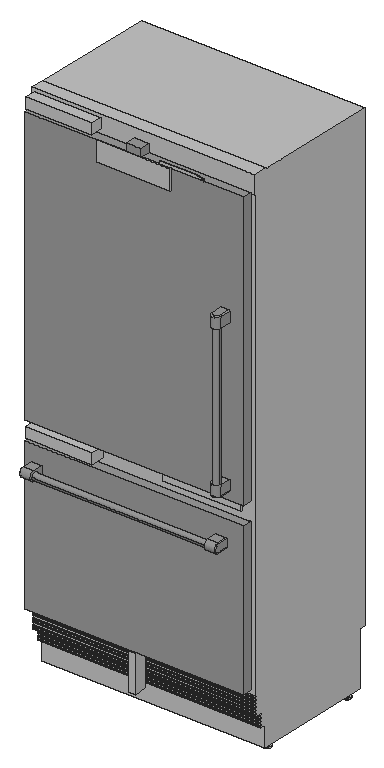
Revit family "FP-Revit20-en-RS3684WLUVE1-IntegratedRefrigerator-0-90003566A-US-CA", category Specialty Equipment, Revit 2020
Family settings
  Round Connector Dimension = Use Diameter
  Part Type = Normal
  OmniClass Number = 23.40.40.11.11
  OmniClass Title = Refrigerators and Freezers
  Work Plane-Based = No
  Always vertical = Yes
  Cut with Voids When Loaded = Yes
  Shared = No
  Room Calculation Point = No
Parameters (values of type "RS3684WRUVE1")
  Visibility - Water Connection = yes
  Visibility - Visibility Control Note = yes
  Visibility - Clearance Required = yes
  URL = "www.fisherpaykel.com"
  Stainless Steel Door Panels (RD3684WLD) = no
  Product - Width = 908 mm  # constant formula
  Product - Height = 2134 mm  # constant formula
  Product - Depth (exl front panel) = 610 mm  # constant formula
  Model = "RS3084WLU1"
  Material - Handle = Fisher & Paykel - Aluminium
  Material - Door Structure = Fisher & Paykel - Stainless Steel
  Material - Door Front = Fisher & Paykel - Stainless Steel
  Material - Body = Fisher & Paykel - Grey
  Manufacturer = "Fisher & Paykel Appliances"
  Left Hinging Options = "Hinge conversion and left hand stainless steel panels (RD3684WLD) are available"
  Handle Style - Professional Round Dark Copper (AHCRD3684WDC) = no
  Handle Style - Professional Round Brass (AHCRD3684WBA) = no
  Handle Style - Professional Round  (AHCRD3684W) = yes
  Handle Style - Contemporary Square Fine Black (AHD5RD3684WB) = no
  Handle Style - Contemporary Square Fine (AHD5RD3684W) = no
  Handle Style - Contemporary Square (AHD3RD3684W) = no
  Handle Style - Contemporary Round (AHSRD3684W) = no
  Description = "30\" Integrated Column Freezer with internal Ice & Water, White Interior"
  Default Elevation = 0 mm
  Connector Description - Water = ""
  Connector Description - Electrical = "120 V, 10 amp fused electrical supply"
  Cavity - Width = 914 mm  # constant formula
  Cavity - Height = 2134 mm  # constant formula
  Cavity - Depth = 635 mm  # constant formula
Reference planes
  plane 1 "Datum": y = 0
  plane 2: z = 0
  plane 3 "Center (Left/Right)": x = 0
  plane 4 "Product LHS": x = -454
  plane 5 "Product RHS": x = 454
  plane 6 "Product - Depth": y = 610
  plane 7 "Cavity LHS": x = -457
  plane 8 "Cavity RHS": x = 457
  plane 9 "Cavity - Depth": y = 635
  plane 10 "Handle Offset": x = 390
  plane 11 "Product Height": z = 2134
  plane 12 "Cavity Height": z = 2134
  plane 13 "Door Panel Datum": y = -4.1
Forms (mm)
  Extrusion 1, solid, material "Fisher & Paykel - Grey" <- "Material - Body"
    sketch origin (0, 0, 0) x (0, 1, 0) y (0, 0, 1)
      loop
        line (100.1, 19.1) -> (587.9, 19.1) -> (587.9, 239.7) -> (610, 239.7) -> (610, 2132.3) -> (105.1, 2132.3) -> (105.1, 2134) -> (49.9, 2134) -> (49.9, 2059) -> (56, 2059) -> (56, 228.6) -> (59.5, 228.6) -> (59.5, 219.7) -> (56.5, 219.7) -> (56.5, 215.9) -> (59.5, 215.9) -> (59.5, 207) -> (56.5, 207) -> (56.5, 203.2) -> (59.5, 203.2) -> (59.5, 194.3) -> (56.5, 194.3) -> (56.5, 190.5) -> (59.5, 190.5) -> (59.5, 181.6) -> (56.5, 181.6) -> (56.5, 177.8) -> (59.5, 177.8) -> (59.5, 168.9) -> (56.5, 168.9) -> (56.5, 165.1) -> (59.5, 165.1) -> (59.5, 156.2) -> (56.5, 156.2) -> (56.5, 152.4) -> (84.1, 152.4) -> (84.1, 143.5) -> (81.1, 143.5) -> (81.1, 139.7) -> (84.1, 139.7) -> (84.1, 130.8) -> (81.1, 130.8) -> (81.1, 127) -> (84.1, 127) -> (84.1, 118.1) -> (81.1, 118.1) -> (81.1, 114.3) -> (84.1, 114.3) -> (84.1, 105.4) -> (81.1, 105.4) -> (81.1, 101.6) -> (100.1, 101.6) -> (100.1, 19.1)
    from -454 to 454
  Extrusion 2, solid, material "Fisher & Paykel - Grey" <- "Material - Body"
    sketch origin (0, 0, 0) x (1, 0, 0) y (0, 1, 0)
      loop
        circle (-433.5, 547.8) r 4.1
      loop
        circle (-433.5, 141.8) r 4.1
      loop
        circle (433.5, 547.8) r 4.1
      loop
        circle (433.5, 141.8) r 4.1
    from 3 to 19.1
  Extrusion 3, solid, material "Fisher & Paykel - Grey" <- "Material - Body"
    sketch origin (0, 0, 0) x (1, 0, 0) y (0, 1, 0)
      loop
        circle (-433.5, 547.8) r 14.5
      loop
        circle (-433.5, 141.8) r 14.555
      loop
        circle (433.5, 547.8) r 14.5
      loop
        circle (433.5, 141.8) r 14.555
    from 0 to 3
  Extrusion 4, solid, material "Fisher & Paykel - Grey" <- "Material - Body", detail levels fine
    sketch origin (0, 0, 0) x (1, 0, 0) y (0, 1, 0)
      loop
        line (-7.5, 49) -> (-13.797, -4.1) -> (13.797, -4.1) -> (7.5, 49) -> (-7.5, 49)
    from 104.2 to 253.8
  Extrusion 5, solid, material "Fisher & Paykel - Grey" <- "Material - Body", detail levels fine
    sketch origin (0, 0, 0) x (0, 1, 0) y (0, 0, 1)
      loop
        line (0, 2070.6) -> (0, 1988.6) -> (2, 1988.6) -> (2, 2068.6) -> (4, 2068.6) -> (4, 2070.6) -> (0, 2070.6)
    from -150 to 150
  Extrusion 6, solid, material "Fisher & Paykel - Grey" <- "Material - Body"
    sketch origin (0, 0, 0) x (1, 0, 0) y (0, 0, 1)
      loop
        circle (379, 119.813) r 5
      loop
        circle (-379, 119.813) r 5
    from -590 to -587.9
  Extrusion 7, solid, material "Fisher & Paykel - Stainless Steel" <- "Material - Door Structure"
    sketch origin (0, 0, 0) x (1, 0, 0) y (0, 1, 0)
      loop
        line (-429, 56) -> (-429, 42) -> (429, 42) -> (429, 56) -> (-429, 56)
    from 951.3 to 2030.7
  Extrusion 8, solid, material "Fisher & Paykel - Stainless Steel" <- "Material - Door Structure"
    sketch origin (0, 0, 0) x (1, 0, 0) y (0, 1, 0)
      loop
        line (-445.4, 42) -> (-445.4, 3) -> (445.4, 3) -> (445.4, 42) -> (-445.4, 42)
    from 943.8 to 2068.6
  Extrusion 9, solid, material "Fisher & Paykel - Stainless Steel" <- "Material - Door Structure", detail levels fine
    sketch origin (0, 0, 0) x (1, 0, 0) y (0, 0, 1)
      loop
        line (-29.5, 2100.1) -> (-29.5, 2068.6) -> (29.5, 2068.6) -> (29.5, 2100.1) -> (-29.5, 2100.1)
    from -42 to -3
  Extrusion 10, solid, material "Fisher & Paykel - Stainless Steel" <- "Material - Door Front", visible <- "Stainless Steel Door Panels (RD3684WLD)"
    sketch origin (0, 0, 0) x (0, 1, 0) y (0, 0, 1)
      loop
        line (-22.1, 2130.8) -> (-22.1, 876.3) -> (-4.1, 876.3) -> (-4.1, 2130.8) -> (-22.1, 2130.8)
      loop
        line (-22.1, 102) -> (-4.1, 102) -> (-4.1, 873.1) -> (-22.1, 873.1) -> (-22.1, 102)
    from -454 to 454
  Extrusion 11, solid, material "Fisher & Paykel - Grey" <- "Material - Body", detail levels fine
    sketch origin (0, 0, -4) x (0, 1, 0) y (0, 0, 1)
      loop
        arc (163.888, 23.1) -> (180.4, 13.63) -> (196.912, 23.1) r 19.13
        line (196.912, 23.1) -> (163.888, 23.1)
      loop
        arc (493.888, 23.1) -> (510.4, 13.63) -> (526.912, 23.1) r 19.13
        line (526.912, 23.1) -> (493.888, 23.1)
    from 191 to 219
  Extrusion 12, solid, material "Fisher & Paykel - Grey" <- "Material - Body", detail levels fine
    sketch origin (0, 0, -4) x (0, 1, 0) y (0, 0, -1)
      loop
        line (163.888, -23.1) -> (196.912, -23.1)
        arc (196.912, -23.1) -> (180.4, -13.63) -> (163.888, -23.1) r 19.13
      loop
        line (493.888, -23.1) -> (526.912, -23.1)
        arc (526.912, -23.1) -> (510.4, -13.63) -> (493.888, -23.1) r 19.13
    from 191 to 219
  Extrusion 13, solid, material "Fisher & Paykel - Clearance Required", visible <- "Visibility - Clearance Required", detail levels coarse
    sketch origin (0, 0, 0) x (1, 0, 0) y (0, 1, 0)
      loop
        line (-457, 635) -> (-457, -4.1) -> (457, -4.1) -> (457, 635) -> (-457, 635)
    from 0 to 2134
  Extrusion 14, solid, material "Fisher & Paykel - Stainless Steel" <- "Material - Door Structure"
    sketch origin (0, 0, 0) x (1, 0, 0) y (0, 1, 0)
      loop
        line (-445.4, 42) -> (-445.4, 3) -> (445.4, 3) -> (445.4, 42) -> (-445.4, 42)
    from 253.8 to 868.15
  Extrusion 15, solid, material "Fisher & Paykel - Stainless Steel" <- "Material - Door Structure"
    sketch origin (0, 0, 0) x (1, 0, 0) y (0, 1, 0)
      loop
        line (-429, 56) -> (-429, 42) -> (429, 42) -> (429, 56) -> (-429, 56)
    from 269.2 to 858.13
  Extrusion 16, solid, material "Fisher & Paykel - Clearance Required", visible <- "Visibility - Clearance Required", detail levels coarse
    sketch origin (0, 0, 0) x (0, 1, 0) y (0, 0, 1)
      loop
        line (-422.1, 873.1) -> (-422.1, 818.896) -> (-482.1, 818.896) -> (-482.1, 781.896) -> (-422.1, 781.896) -> (-422.1, 101.6) -> (-22.1, 101.6) -> (-22.1, 873.1) -> (-422.1, 873.1)
    from -454 to 454
  Extrusion 17, solid, material "Fisher & Paykel - Clearance Required", visible <- "Visibility - Clearance Required", detail levels coarse
    sketch origin (0, -0.697, 0) x (-1, 0, 0) y (0, -1, 0)
      loop
        line (377.5, 21.403) -> (454, 21.403)
        arc (454, 21.403) -> (456.992, 56.377) -> (491.915, 59.919) r 27.5
        line (491.915, 59.919) -> (773.006, 826.779) -> (799.252, 817.159)
        arc (799.252, 817.159) -> (823.815, 826.099) -> (814.875, 850.661) r 18.483
        line (814.875, 850.661) -> (788.602, 862.912) -> (810.604, 910.252)
        arc (810.604, 910.252) -> (-56.539, 799.947) -> (-454, 21.403) r 935.499
        line (-454, 21.403) -> (377.5, 21.403)
    from 876.3 to 2134
  Extrusion 18, solid, material "Fisher & Paykel - Grey" <- "Material - Body"
    sketch origin (0, 0, 0) x (-1, 0, 0) y (0, -1, 0)
      loop
        circle (-433.5, -547.8) r 4.1
      loop
        circle (-433.5, -141.8) r 4.1
      loop
        circle (433.5, -547.8) r 4.1
      loop
        circle (433.5, -141.8) r 4.1
    from 3 to 19.1
  Extrusion 19, solid, material "Fisher & Paykel - Grey" <- "Material - Body"
    sketch origin (0, 0, 0) x (-1, 0, 0) y (0, -1, 0)
      loop
        circle (-433.5, -547.8) r 14.5
      loop
        circle (-433.5, -141.8) r 14.555
      loop
        circle (433.5, -547.8) r 14.5
      loop
        circle (433.5, -141.8) r 14.555
    from 0 to 3
  Extrusion 20, solid, material "Fisher & Paykel - Grey" <- "Material - Body", detail levels fine
    sketch origin (0, 0, 0) x (-1, 0, 0) y (0, -1, 0)
      loop
        line (-7.5, -49) -> (7.5, -49) -> (13.797, 4.1) -> (-13.797, 4.1) -> (-7.5, -49)
    from 104.2 to 253.8
  Extrusion 21, solid, material "Fisher & Paykel - Grey" <- "Material - Body", detail levels fine
    sketch origin (0, 0, 0) x (0, 1, 0) y (0, 0, -1)
      loop
        line (0, -2070.6) -> (4, -2070.6) -> (4, -2068.6) -> (2, -2068.6) -> (2, -1988.6) -> (0, -1988.6) -> (0, -2070.6)
    from -150 to 150
  Extrusion 22, solid, material "Fisher & Paykel - Grey" <- "Material - Body"
    sketch origin (0, 0, 0) x (-1, 0, 0) y (0, 0, -1)
      loop
        circle (379, -119.813) r 5
      loop
        circle (-379, -119.813) r 5
    from -590 to -587.9
  Extrusion 23, solid, material "Fisher & Paykel - Stainless Steel" <- "Material - Door Structure", detail levels fine
    sketch origin (0, 0, 0) x (-1, 0, 0) y (0, 0, -1)
      loop
        line (-29.5, -2100.1) -> (29.5, -2100.1) -> (29.5, -2068.6) -> (-29.5, -2068.6) -> (-29.5, -2100.1)
    from -42 to -3
  Extrusion 24, solid, material "Fisher & Paykel - Grey" <- "Material - Body", detail levels fine
    sketch origin (0, 0, -4) x (0, 1, 0) y (0, 0, -1)
      loop
        line (163.888, -23.1) -> (196.912, -23.1)
        arc (196.912, -23.1) -> (180.4, -13.63) -> (163.888, -23.1) r 19.13
      loop
        line (493.888, -23.1) -> (526.912, -23.1)
        arc (526.912, -23.1) -> (510.4, -13.63) -> (493.888, -23.1) r 19.13
    from 191 to 219
  Extrusion 25, solid, material "Fisher & Paykel - Grey" <- "Material - Body", detail levels fine
    sketch origin (0, 0, -4) x (0, 1, 0) y (0, 0, 1)
      loop
        arc (163.888, 23.1) -> (180.4, 13.63) -> (196.912, 23.1) r 19.13
        line (196.912, 23.1) -> (163.888, 23.1)
      loop
        arc (493.888, 23.1) -> (510.4, 13.63) -> (526.912, 23.1) r 19.13
        line (526.912, 23.1) -> (493.888, 23.1)
    from 191 to 219
  Extrusion 26, solid, material "Fisher & Paykel - Clearance Required", visible <- "Visibility - Clearance Required", detail levels coarse
    sketch origin (0, 0, 0) x (-1, 0, 0) y (0, -1, 0)
      loop
        line (-457, -635) -> (457, -635) -> (457, 4.1) -> (-457, 4.1) -> (-457, -635)
    from 0 to 2134
  Extrusion 27, solid, material "Fisher & Paykel - Grey" <- "Material - Body", detail levels fine
    sketch origin (0, 0, 0) x (-1, 0, 0) y (0, 0, -1)
      loop
        line (442.4, -2123.15) -> (442.4, -2081.05) -> (171.42, -2081.05) -> (171.42, -2123.15) -> (442.4, -2123.15)
    from -49 to -2.5
  Extrusion 28, solid, material "Fisher & Paykel - Grey" <- "Material - Body", detail levels fine
    sketch origin (0, 0, 0) x (-1, 0, 0) y (0, 0, -1)
      loop
        line (442.4, -877.25) -> (171.42, -877.25) -> (171.42, -919.35) -> (442.4, -919.35) -> (442.4, -877.25)
    from -56 to -2.5
  Extrusion 29, solid, material "Fisher & Paykel - Grey" <- "Material - Body", detail levels fine
    sketch origin (0, 0, 0) x (1, 0, 0) y (0, 0, 1)
      loop
        line (118.4, 943.8) -> (118.4, 919.35) -> (435.4, 919.35) -> (435.4, 943.8) -> (118.4, 943.8)
      loop
        line (106, 2081.05) -> (106, 2068.6) -> (282.9, 2068.6) -> (282.9, 2076.05) -> (242.9, 2081.05) -> (106, 2081.05)
    from -7 to -4
Lines and regions (mm)
  model lines, style "Fisher & Paykel"
    curve 1: line (-454, -4.1, 2130.8) -> (454, -4.1, 2130.8)
    curve 2: line (-454, -4.1, 876.3) -> (-454, -4.1, 2130.8)
    curve 3: line (454, -4.1, 876.3) -> (-454, -4.1, 876.3)
    curve 4: line (454, -4.1, 2130.8) -> (454, -4.1, 876.3)
    curve 5: line (454, -4.1, 873.1) -> (-454, -4.1, 873.1)
    curve 6: line (454, -4.1, 102) -> (454, -4.1, 873.1)
    curve 7: line (-454, -4.1, 102) -> (454, -4.1, 102)
    curve 8: line (-454, -4.1, 873.1) -> (-454, -4.1, 102)
    curve 9: line (454, -4.1, 2130.8) -> (-454, -4.1, 2130.8)
    curve 10: line (454, -4.1, 876.3) -> (454, -4.1, 2130.8)
    curve 11: line (-454, -4.1, 876.3) -> (454, -4.1, 876.3)
    curve 12: line (-454, -4.1, 2130.8) -> (-454, -4.1, 876.3)
    curve 13: line (-454, -4.1, 873.1) -> (454, -4.1, 873.1)
    curve 14: line (-454, -4.1, 102) -> (-454, -4.1, 873.1)
    curve 15: line (454, -4.1, 102) -> (-454, -4.1, 102)
    curve 16: line (454, -4.1, 873.1) -> (454, -4.1, 102)
Text (mm)
  text "Due to ongoing product development, product details are subject to change without notice. \nPlease always refer to www.fisherpaykel.com for the most current product information. \n© Fisher & Paykel 2020" at (41.04, -878.295, 0), in view "Ref. Level (Plan)"
Dimensions and locks
  equal spacing: plane 4 "Product LHS", plane 3 "Center (Left/Right)", plane 5 "Product RHS"
  "Product - Width": plane 4 "Product LHS" to plane 5 "Product RHS"
  "Product - Depth (exl front panel)": plane 1 "Datum" to plane 6 "Product - Depth"
  equal spacing: plane 7 "Cavity LHS", plane 3 "Center (Left/Right)", plane 8 "Cavity RHS"
  "Cavity - Width": plane 7 "Cavity LHS" to plane 8 "Cavity RHS"
  "Cavity - Depth": plane 9 "Cavity - Depth" to plane 1 "Datum"
  plane 4 "Product LHS" to Extrusion 2 sketch curve = 24.6 mm
  plane 4 "Product LHS" to plane 10 "Handle Offset" = 844 mm
  Extrusion 6 sketch curve to Extrusion 1 = 119.887 mm  (x2)
  Extrusion 6 sketch curve to plane 5 "Product RHS" = 75 mm
  plane 4 "Product LHS" to Extrusion 6 sketch curve = 75 mm
  Extrusion 1 sketch curve to Extrusion 1 sketch curve = 82.5 mm
  Extrusion 1 sketch curve to Extrusion 1 sketch curve = 209.5 mm
  Extrusion 1 sketch curve to Extrusion 1 sketch curve = 220.6 mm
  Extrusion 3 to level = 3 mm
  "Product - Height": level to plane 11 "Product Height"
  plane 11 "Product Height" to Extrusion 10 = 3.2 mm
  Extrusion 8 to plane 11 "Product Height" = 65.4 mm
  Extrusion 7 to plane 11 "Product Height" = 103.3 mm
  Extrusion 1 sketch curve to plane 11 "Product Height" = 1.7 mm
  Extrusion 1 sketch curve to plane 11 "Product Height" = 75 mm
  "Cavity - Height": plane 12 "Cavity Height" to level
  plane 1 "Datum" to Extrusion 13 = 635 mm
  nested 7 to curve 6 = 454 mm
  nested 7 to curve 14 = 454 mm
  Extrusion 29 sketch curve to Extrusion 29 sketch curve = 40 mm
  Extrusion 29 sketch curve to Extrusion 29 sketch curve = 176.9 mm
  radius of Extrusion 6 sketch curve = 5 mm
  radius of Extrusion 22 sketch curve = 5 mm
  aligned and locked: level to plane 2
  aligned and locked: Extrusion 10 to plane 5 "Product RHS"
  aligned and locked: plane 4 "Product LHS" to Extrusion 10
  aligned and locked: plane 11 "Product Height" to Extrusion 1 sketch curve
  aligned and locked: Extrusion 11 sketch curve to Extrusion 11 sketch curve
  aligned and locked: Extrusion 12 sketch curve to Extrusion 12 sketch curve
  aligned and locked: Extrusion 1 to plane 5 "Product RHS"
  aligned and locked: plane 4 "Product LHS" to Extrusion 1
  aligned and locked: Extrusion 24 sketch curve to Extrusion 24 sketch curve
  aligned and locked: Extrusion 25 sketch curve to Extrusion 25 sketch curve
  aligned and locked: Extrusion 1 to Extrusion 16
  aligned and locked: Extrusion 16 to Extrusion 1
Automatic sketch dimensions
  Extrusion 1 sketch curve to plane 6 "Product - Depth" = 0 mm
  Extrusion 1 sketch curve to Extrusion 1 sketch curve = 22.1 mm
  Extrusion 1 sketch curve to plane 1 "Datum" = 105.1 mm
  level to Extrusion 1 sketch curve = 19.1 mm
  Extrusion 1 sketch curve to plane 1 "Datum" = 100.1 mm
  Extrusion 1 sketch curve to Extrusion 1 sketch curve = 16 mm
  Extrusion 1 sketch curve to Extrusion 1 sketch curve = 0 mm  (x8)
  Extrusion 1 sketch curve to Extrusion 1 sketch curve = 3 mm  (x10)
  Extrusion 1 sketch curve to plane 1 "Datum" = 59.5 mm
  Extrusion 1 sketch curve to plane 1 "Datum" = 56 mm
  Extrusion 1 sketch curve to plane 1 "Datum" = 49.9 mm
  Extrusion 1 sketch curve to Extrusion 1 sketch curve = 3.8 mm  (x10)
  Extrusion 1 sketch curve to Extrusion 1 sketch curve = 8.9 mm  (x9)
  Extrusion 2 sketch curve to plane 4 "Product LHS" = 20.5 mm  (x2)
  plane 5 "Product RHS" to Extrusion 2 sketch curve = 20.5 mm  (x2)
  Extrusion 2 sketch curve to plane 1 "Datum" = 141.8 mm  (x2)
  Extrusion 2 sketch curve to plane 6 "Product - Depth" = 62.2 mm  (x2)
  Extrusion 3 sketch curve to plane 4 "Product LHS" = 20.5 mm  (x2)
  plane 5 "Product RHS" to Extrusion 3 sketch curve = 20.5 mm  (x2)
  Extrusion 3 sketch curve to plane 1 "Datum" = 141.8 mm  (x2)
  Extrusion 3 sketch curve to plane 6 "Product - Depth" = 62.2 mm  (x2)
  Extrusion 4 sketch curve to plane 13 "Door Panel Datum" = 0 mm
  Extrusion 4 sketch curve to plane 3 "Center (Left/Right)" = 13.797 mm
  Extrusion 4 sketch curve to plane 3 "Center (Left/Right)" = 7.5 mm
  plane 3 "Center (Left/Right)" to Extrusion 4 sketch curve = 7.5 mm
  plane 3 "Center (Left/Right)" to Extrusion 4 sketch curve = 13.797 mm
  Extrusion 4 sketch curve to plane 1 "Datum" = 49 mm
  Extrusion 5 sketch curve to plane 1 "Datum" = 0 mm
  Extrusion 5 sketch curve to plane 1 "Datum" = 2 mm
  Extrusion 5 sketch curve to Extrusion 5 sketch curve = 2 mm  (x2)
  plane 11 "Product Height" to Extrusion 5 sketch curve = 145.4 mm
  plane 11 "Product Height" to Extrusion 5 sketch curve = 65.4 mm
  Extrusion 7 sketch curve to plane 4 "Product LHS" = 25 mm
  plane 5 "Product RHS" to Extrusion 7 sketch curve = 25 mm
  Extrusion 7 sketch curve to plane 1 "Datum" = 42 mm
  Extrusion 7 sketch curve to Extrusion 7 sketch curve = 14 mm
  Extrusion 8 sketch curve to plane 1 "Datum" = 3 mm
  Extrusion 8 sketch curve to plane 4 "Product LHS" = 8.6 mm
  plane 5 "Product RHS" to Extrusion 8 sketch curve = 8.6 mm
  Extrusion 8 sketch curve to Extrusion 8 sketch curve = 39 mm
  Extrusion 9 sketch curve to plane 3 "Center (Left/Right)" = 29.5 mm
  plane 3 "Center (Left/Right)" to Extrusion 9 sketch curve = 29.5 mm
  plane 11 "Product Height" to Extrusion 9 sketch curve = 65.4 mm
  Extrusion 9 sketch curve to Extrusion 9 sketch curve = 31.5 mm
  Extrusion 10 sketch curve to plane 13 "Door Panel Datum" = 0 mm  (x2)
  plane 11 "Product Height" to Extrusion 10 sketch curve = 3.2 mm
  Extrusion 10 sketch curve to plane 13 "Door Panel Datum" = 18 mm
  Extrusion 10 sketch curve to Extrusion 10 sketch curve = 0 mm
  level to Extrusion 10 sketch curve = 876.3 mm
  Extrusion 10 sketch curve to Extrusion 10 sketch curve = 3.2 mm
  level to Extrusion 10 sketch curve = 102 mm
  level to Extrusion 11 sketch curve = 19.1 mm
  Extrusion 11 sketch curve to plane 1 "Datum" = 163.888 mm
  Extrusion 11 sketch curve to Extrusion 11 sketch curve = 16.512 mm  (x2)
  Extrusion 11 sketch curve to plane 6 "Product - Depth" = 116.112 mm
  Extrusion 11 sketch curve to Extrusion 11 sketch curve = 9.66 mm  (x2)
  level to Extrusion 12 sketch curve = 19.1 mm
  Extrusion 12 sketch curve to plane 1 "Datum" = 163.888 mm
  Extrusion 12 sketch curve to Extrusion 12 sketch curve = 16.512 mm  (x2)
  Extrusion 12 sketch curve to plane 6 "Product - Depth" = 116.112 mm
  Extrusion 12 sketch curve to Extrusion 12 sketch curve = 9.66 mm  (x2)
  Extrusion 13 sketch curve to plane 7 "Cavity LHS" = 0 mm
  Extrusion 13 sketch curve to plane 8 "Cavity RHS" = 0 mm
  Extrusion 13 sketch curve to plane 13 "Door Panel Datum" = 0 mm
  Extrusion 13 sketch curve to plane 9 "Cavity - Depth" = 0 mm
  Extrusion 14 sketch curve to plane 1 "Datum" = 3 mm
  Extrusion 14 sketch curve to plane 4 "Product LHS" = 8.6 mm
  plane 5 "Product RHS" to Extrusion 14 sketch curve = 8.6 mm
  Extrusion 14 sketch curve to Extrusion 14 sketch curve = 39 mm
  Extrusion 15 sketch curve to plane 4 "Product LHS" = 25 mm
  plane 5 "Product RHS" to Extrusion 15 sketch curve = 25 mm
  Extrusion 15 sketch curve to plane 1 "Datum" = 42 mm
  Extrusion 15 sketch curve to Extrusion 15 sketch curve = 14 mm
  Extrusion 16 sketch curve to plane 13 "Door Panel Datum" = 478 mm
  Extrusion 16 sketch curve to Extrusion 16 sketch curve = 60 mm
  Extrusion 16 sketch curve to Extrusion 16 sketch curve = 0 mm
  Extrusion 16 sketch curve to plane 13 "Door Panel Datum" = 18 mm
  level to Extrusion 16 sketch curve = 101.6 mm
  Extrusion 16 sketch curve to Extrusion 16 sketch curve = 680.296 mm
  Extrusion 16 sketch curve to Extrusion 16 sketch curve = 37 mm
  Extrusion 16 sketch curve to Extrusion 16 sketch curve = 54.204 mm
  Extrusion 17 sketch curve to plane 5 "Product RHS" = 0 mm
  plane 13 "Door Panel Datum" to Extrusion 17 sketch curve = 18 mm
  plane 4 "Product LHS" to Extrusion 17 sketch curve = 76.5 mm
  plane 4 "Product LHS" to Extrusion 17 sketch curve = 0 mm
  Extrusion 17 sketch curve to plane 7 "Cavity LHS" = 19.59 mm
  Extrusion 17 sketch curve to Extrusion 17 sketch curve = 4.816 mm
  Extrusion 17 sketch curve to Extrusion 17 sketch curve = 10.509 mm
  Extrusion 17 sketch curve to plane 7 "Cavity LHS" = 316.006 mm
  Extrusion 17 sketch curve to Extrusion 17 sketch curve = 15.596 mm
  Extrusion 17 sketch curve to Extrusion 17 sketch curve = 26.246 mm
  Extrusion 17 sketch curve to Extrusion 17 sketch curve = 7.811 mm  (x2)
  Extrusion 17 sketch curve to Extrusion 17 sketch curve = 22.003 mm
  Extrusion 17 sketch curve to Extrusion 17 sketch curve = 13.185 mm
  Extrusion 17 sketch curve to Extrusion 17 sketch curve = 2.497 mm
  Extrusion 17 sketch curve to Extrusion 17 sketch curve = 93.093 mm
  Extrusion 17 sketch curve to Extrusion 17 sketch curve = 16.751 mm
  Extrusion 17 sketch curve to Extrusion 17 sketch curve = 12.251 mm
  plane 5 "Product RHS" to curve 9 = 0 mm
  plane 5 "Product RHS" to curve 16 = 0 mm
  plane 4 "Product LHS" to curve 8 = 0 mm
  plane 4 "Product LHS" to curve 9 = 0 mm
  level to curve 16 = 102 mm
  curve 6 to curve 5 = 771.1 mm
  curve 5 to curve 12 = 3.2 mm
  plane 11 "Product Height" to curve 4 = 3.2 mm
  Extrusion 18 sketch curve to plane 5 "Product RHS" = 20.5 mm  (x2)
  plane 4 "Product LHS" to Extrusion 18 sketch curve = 20.5 mm  (x2)
  plane 1 "Datum" to Extrusion 18 sketch curve = 141.8 mm  (x2)
  plane 6 "Product - Depth" to Extrusion 18 sketch curve = 62.2 mm  (x2)
  Extrusion 19 sketch curve to plane 5 "Product RHS" = 20.5 mm  (x2)
  plane 4 "Product LHS" to Extrusion 19 sketch curve = 20.5 mm  (x2)
  plane 1 "Datum" to Extrusion 19 sketch curve = 141.8 mm  (x2)
  plane 6 "Product - Depth" to Extrusion 19 sketch curve = 62.2 mm  (x2)
  Extrusion 20 sketch curve to plane 13 "Door Panel Datum" = 0 mm
  Extrusion 20 sketch curve to plane 3 "Center (Left/Right)" = 13.797 mm
  Extrusion 20 sketch curve to plane 3 "Center (Left/Right)" = 7.5 mm
  plane 3 "Center (Left/Right)" to Extrusion 20 sketch curve = 7.5 mm
  plane 3 "Center (Left/Right)" to Extrusion 20 sketch curve = 13.797 mm
  plane 1 "Datum" to Extrusion 20 sketch curve = 49 mm
  Extrusion 21 sketch curve to plane 1 "Datum" = 0 mm
  Extrusion 21 sketch curve to plane 1 "Datum" = 2 mm
  Extrusion 21 sketch curve to Extrusion 21 sketch curve = 2 mm  (x2)
  plane 11 "Product Height" to Extrusion 21 sketch curve = 63.4 mm
  Extrusion 21 sketch curve to Extrusion 21 sketch curve = 80 mm
  Extrusion 22 sketch curve to plane 10 "Handle Offset" = 11 mm
  plane 4 "Product LHS" to Extrusion 22 sketch curve = 75 mm
  Extrusion 23 sketch curve to plane 3 "Center (Left/Right)" = 29.5 mm
  plane 3 "Center (Left/Right)" to Extrusion 23 sketch curve = 29.5 mm
  Extrusion 23 sketch curve to plane 11 "Product Height" = 65.4 mm
  Extrusion 23 sketch curve to Extrusion 23 sketch curve = 31.5 mm
  level to Extrusion 24 sketch curve = 19.1 mm
  Extrusion 24 sketch curve to plane 1 "Datum" = 163.888 mm
  Extrusion 24 sketch curve to Extrusion 24 sketch curve = 16.512 mm  (x2)
  Extrusion 24 sketch curve to plane 6 "Product - Depth" = 116.112 mm
  Extrusion 24 sketch curve to Extrusion 24 sketch curve = 9.66 mm  (x2)
  level to Extrusion 25 sketch curve = 19.1 mm
  Extrusion 25 sketch curve to plane 1 "Datum" = 163.888 mm
  Extrusion 25 sketch curve to Extrusion 25 sketch curve = 16.512 mm  (x2)
  Extrusion 25 sketch curve to plane 6 "Product - Depth" = 116.112 mm
  Extrusion 25 sketch curve to Extrusion 25 sketch curve = 9.66 mm  (x2)
  Extrusion 26 sketch curve to plane 8 "Cavity RHS" = 0 mm
  Extrusion 26 sketch curve to plane 7 "Cavity LHS" = 0 mm
  Extrusion 26 sketch curve to plane 13 "Door Panel Datum" = 0 mm
  plane 9 "Cavity - Depth" to Extrusion 26 sketch curve = 0 mm
  Extrusion 27 sketch curve to plane 11 "Product Height" = 10.85 mm
  plane 3 "Center (Left/Right)" to Extrusion 27 sketch curve = 171.42 mm
  plane 4 "Product LHS" to Extrusion 27 sketch curve = 11.6 mm
  Extrusion 27 sketch curve to Extrusion 27 sketch curve = 42.1 mm
  plane 3 "Center (Left/Right)" to Extrusion 28 sketch curve = 171.42 mm
  plane 4 "Product LHS" to Extrusion 28 sketch curve = 11.6 mm
  Extrusion 28 sketch curve to level = 877.25 mm
  Extrusion 28 sketch curve to Extrusion 28 sketch curve = 42.1 mm
  plane 11 "Product Height" to Extrusion 29 sketch curve = 52.95 mm
  plane 3 "Center (Left/Right)" to Extrusion 29 sketch curve = 106 mm
  plane 3 "Center (Left/Right)" to Extrusion 29 sketch curve = 118.4 mm
  plane 5 "Product RHS" to Extrusion 29 sketch curve = 18.6 mm
  Extrusion 29 sketch curve to Extrusion 29 sketch curve = 5 mm
  Extrusion 29 sketch curve to Extrusion 29 sketch curve = 12.45 mm
  level to Extrusion 29 sketch curve = 943.8 mm
  Extrusion 29 sketch curve to Extrusion 29 sketch curve = 24.45 mm
  Extrusion 22 sketch curve to level = 119.813 mm  (x2)
  radius of Extrusion 2 sketch curve = 4.1 mm  (x3)
  radius of Extrusion 3 sketch curve = 14.5 mm  (x2)
  radius of Extrusion 3 sketch curve = 14.555 mm  (x2)
  radius of Extrusion 6 sketch curve = 5 mm
  radius of Extrusion 18 sketch curve = 4.1 mm  (x4)
  radius of Extrusion 19 sketch curve = 14.5 mm  (x2)
  radius of Extrusion 19 sketch curve = 14.555 mm  (x2)
  radius of Extrusion 22 sketch curve = 5 mm
Nested families
  nested 1: "Visibility Control Note 18" at (-951.075, 635, 0), visible <- "Visibility - Visibility Control Note", type "Visibility Control Note 18"
  nested 2: "Handle Contemporary Square - Horizontal" at (0, -22.1, 800.364), visible <- "Handle Style - Contemporary Square (AHD3RD3684W)", type "AHD3RD3684W - Contemporary square handle (2 of 2) (Horizontal) 798mm"
  nested 3: "F&P Handle Kit - Contemporary Square Fine - Horizontal" at (0, -22.1, 800.364), type "AHD5RD3684WB - Contemporary square fine black handle (2 of 2) (Horizontal) 798mm", not visible
  nested 4: "Handle Professional Round - Horizontal" at (0, -22.1, 800.364), visible <- "Handle Style - Professional Round Dark Copper (AHCRD3684WDC)", type "AHP3RD3684WDC - Professional round handle Dark Copper (2 of 2) (Horizontal) 798mm"
  nested 5: "F&P Handle Kit - Contemporary Square Fine - Horizontal" at (0, -22.1, 800.364), visible <- "Handle Style - Contemporary Square Fine Black (AHD5RD3684WB)", type "AHD5RD3684WB - Contemporary square fine black handle (2 of 2) (Horizontal) 798mm"
  nested 6: "Handle Contemporary Round - Horizontal" at (0, -22.1, 800), visible <- "Handle Style - Contemporary Round (AHSRD3684W)", type "AHSRD3684W - Contemporary round handle (2 of 2) (Horizontal) 798mm"
  nested 7: "F&P Handle Kit - Contemporary Square Fine - Horizontal" at (0, -22.1, 799.994), visible <- "Handle Style - Contemporary Square Fine (AHD5RD3684W)", type "AHD5RD3684W - Contemporary square fine handle (2 of 2) (Horizontal) 798mm"
  nested 8: "Handle Professional Round - Horizontal" at (0, -22.1, 800.364), visible <- "Handle Style - Professional Round Brass (AHCRD3684WBA)", type "AHP3RD3684WBA - Professional round handle Brass (2 of 2) (Horizontal) 798mm"
  nested 9: "Handle Professional Round - Horizontal" at (0, -22.1, 800), visible <- "Handle Style - Professional Round  (AHCRD3684W)", type "AHCRD3684W - Professional round handle (2 of 2) (Horizontal) 798mm"
  nested 10: "F&P Handle Kit - Contemporary Square Fine - Vertical" at (390, -22.1, 1322.58), type "AHD5RD3684W - Contemporary square fine handle (1 of 2) (Vertical) 727mm", not visible
  nested 11: "Handle Professional Round - Vertical" at (390, -22.1, 1322.58), visible <- "Handle Style - Professional Round Brass (AHCRD3684WBA)", type "AHCRD3684WBA - Professional round handle Brass (1 of 2) (Vertical) 661mm"
  nested 12: "F&P Handle Kit - Contemporary Square Fine - Vertical" at (390, -22.1, 1322.58), visible <- "Handle Style - Contemporary Square Fine Black (AHD5RD3684WB)", type "AHD5RD3684WB - Contemporary square fine black handle (1 of 2) (Vertical) 727mm"
  nested 13: "F&P Handle Kit - Contemporary Square Fine - Vertical" at (390, -22.1, 1322.58), visible <- "Handle Style - Contemporary Square Fine (AHD5RD3684W)", type "AHD5RD3684W - Contemporary square fine handle (1 of 2) (Vertical) 727mm"
  nested 14: "Handle Professional Round - Vertical" at (390, -22.1, 1322.58), visible <- "Handle Style - Professional Round Dark Copper (AHCRD3684WDC)", type "AHCRD3684WDC - Professional round handle Dark Copper (1 of 2) (Vertical) 661mm"
  nested 15: "Handle Contemporary Square - Vertical" at (390, -22.1, 1322.58), visible <- "Handle Style - Contemporary Square (AHD3RD3684W)", type "AHD3RD3684W - Contemporary square handle (1 of 2) (Vertical) 727mm"
  nested 16: "Handle Contemporary Round - Vertical" at (390, -22.1, 1322.58), visible <- "Handle Style - Contemporary Round (AHSRD3684W)", type "AHSRD3684W - Contemporary round handle (1 of 2) (Vertical) 727mm"
  nested 17: "Handle Professional Round - Vertical" at (390, -22.1, 1322.58) x (-1, 0, 0) z (0, 0, 1), visible <- "Handle Style - Professional Round  (AHCRD3684W)", type "AHCRD3084W - Professional round handle (1 of 2) (Vertical) 661mm"
Connectors
  electrical at (-379, 590, 119.813), driven by "Connector Description - Electrical"
    settings: on Extrusion 6, index 1, voltage 120 V, apparent load 0 VA, apparent load phase1 0 VA, apparent load phase2 0 VA, apparent load phase3 0 VA, power factor 1, load classification "Other", number of poles 1, system type 30, power factor state 1, is connector primary yes, connector utility no, sub classification motor no, connector description "120 V, 10 amp fused electrical supply"
  piping at (379, 590, 119.813), diameter 12.7, driven by "Visibility - Water Connection", driven by "Connector Description - Water"
    settings: on Extrusion 6, index 2, connector inside diameter 609.6 mm, connector length 0 mm, flow factor 0, pipe flow 0.0 L/s, pressure drop 0.0 Pa, fitting loss kfactor 0, connector angle 0.00°, fixture units 0, engagement length 0 mm, angle of deflection 0.00°, flow configuration 0, flow direction 1, fitting loss method 0, system type 20, joint type 0, gender type 0, connector reference index -1, connector utility 1, adjustable connector no, is connector primary yes, connector description ""
  piping at (-379, 590, 119.813), diameter 12.7, driven by "Visibility - Water Connection", driven by "Connector Description - Water"
    settings: on Extrusion 22, index 3, connector inside diameter 609.6 mm, connector length 0 mm, flow factor 0, pipe flow 0.0 L/s, pressure drop 0.0 Pa, fitting loss kfactor 0, connector angle 0.00°, fixture units 0, engagement length 0 mm, angle of deflection 0.00°, flow configuration 0, flow direction 1, fitting loss method 0, system type 20, joint type 0, gender type 0, connector reference index -1, connector utility 1, adjustable connector no, is connector primary no, connector description ""
Definition of nested family "Handle Contemporary Square - Horizontal"
  Parameters (values of type "AHD3RD3684W - Contemporary square handle (2 of 2) (Horizontal) 798mm")
    URL = "www.fisherpaykel.com"
    Material - Handle = none
    Manufacturer = "Fisher & Paykel Appliances"
    Handle - Length = 798 mm
    Default Elevation = 0 mm
  Types (2, lengths in mm): name | Handle - Length
    AHD3RD3084W - Contemporary square handle (2 of 2) (Horizontal) 646mm | 646
    AHD3RD3684W - Contemporary square handle (2 of 2) (Horizontal) 798mm | 798
  Reference planes
    plane 1 "Center (Front/Back)": y = 0
    plane 2: z = 0
    plane 3 "Center (Left/Right)": x = 0
    plane 4 "Product LHS": x = -399
    plane 5 "Product RHS": x = 399
    plane 6 "LHS Standoff": x = -278.995
    plane 7 "RHS Standoff": x = 279.005
  Forms (mm)
    Extrusion 1, solid, material <- "Material - Handle", detail levels fine
      sketch origin (0, 0, 0) x (0, 1, 0) y (0, 0, 1)
        loop
          arc (-28.701, 7.561) -> (-29.057, 7.868) -> (-29.514, 7.978) r 1
          line (-29.514, 7.978) -> (-40.5, 7.978)
          arc (-40.5, 7.978) -> (-41.561, 7.539) -> (-42, 6.478) r 1.5
          line (-42, 6.478) -> (-42, -6.522)
          arc (-42, -6.522) -> (-41.561, -7.583) -> (-40.5, -8.022) r 1.5
          line (-40.5, -8.022) -> (-29.487, -8.022)
          arc (-29.487, -8.022) -> (-29.029, -7.911) -> (-28.673, -7.602) r 1
          arc (-28.673, -7.602) -> (-26.256, -0.016) -> (-28.701, 7.561) r 13.038
      from -399 to 399
    Extrusion 2, solid, material <- "Material - Handle", detail levels fine
      sketch origin (0, 0, 0) x (0, 1, 0) y (0, 0, 1)
        loop
          arc (-28.23, 7.062) -> (-26.156, 0.008) -> (-28.198, -7.056) r 13.136
          arc (-28.198, -7.056) -> (-28.21, -7.463) -> (-27.86, -7.67) r 0.4
          line (-27.86, -7.67) -> (0, -7.67) -> (0, 7.678) -> (-27.893, 7.678)
          arc (-27.893, 7.678) -> (-28.244, 7.47) -> (-28.23, 7.062) r 0.4
      from 279.005 to 399
    Extrusion 3, solid, material <- "Material - Handle", detail levels fine
      sketch origin (0, 0, 0) x (0, 1, 0) y (0, 0, -1)
        loop
          arc (-28.23, -7.062) -> (-28.244, -7.47) -> (-27.893, -7.678) r 0.4
          line (-27.893, -7.678) -> (0, -7.678) -> (0, 7.67) -> (-27.86, 7.67)
          arc (-27.86, 7.67) -> (-28.21, 7.463) -> (-28.198, 7.056) r 0.4
          arc (-28.198, 7.056) -> (-26.156, -0.008) -> (-28.23, -7.062) r 13.136
      from 278.995 to 399
    Sweep 4, void
      path in 3D
        loop
          line (399, -29.514, 7.978) -> (399, -40.5, 7.978)
          arc (399, -40.5, 7.978) -> (399, -41.561, 7.539) -> (399, -42, 6.478) r 1.5
          line (399, -42, 6.478) -> (399, -42, -6.522)
          arc (399, -42, -6.522) -> (399, -41.561, -7.583) -> (399, -40.5, -8.022) r 1.5
          line (399, -40.5, -8.022) -> (399, -29.487, -8.022)
      profile origin (399, -35.007, 7.978) x (1, 0, 0) y (0, 0, 1)
        loop
          line (0, 0) -> (-1.3, 0) -> (0, -1.3) -> (0, 0)
    Sweep 5, void
      path in 3D
        loop
          line (-399, -29.487, -8.022) -> (-399, -40.5, -8.022)
          arc (-399, -40.5, -8.022) -> (-399, -41.561, -7.583) -> (-399, -42, -6.522) r 1.5
          line (-399, -42, -6.522) -> (-399, -42, 6.478)
          arc (-399, -42, 6.478) -> (-399, -41.561, 7.539) -> (-399, -40.5, 7.978) r 1.5
          line (-399, -40.5, 7.978) -> (-399, -29.514, 7.978)
      profile origin (-399, -35.007, 7.978) x (-1, 0, 0) y (0, 0, 1)
        loop
          line (0, 0) -> (-1.3, 0) -> (0, -1.3) -> (0, 0)
    Extrusion 6, void
      sketch origin (0, 0, 0) x (1, 0, 0) y (0, 0, 1)
        loop
          line (399, 7.978) -> (397.7, 7.978) -> (399, 6.678) -> (399, 7.978)
        loop
          line (399, -8.022) -> (399, -6.722) -> (397.7, -8.022) -> (399, -8.022)
      from 0 to 40
    Extrusion 7, void
      sketch origin (0, 0, 0) x (1, 0, 0) y (0, 0, 1)
        loop
          line (-399, 7.978) -> (-399, 6.678) -> (-397.7, 7.978) -> (-399, 7.978)
        loop
          line (-399, -8.022) -> (-397.7, -8.022) -> (-399, -6.722) -> (-399, -8.022)
      from 0 to 40
    Extrusion 8, solid, material <- "Material - Handle", detail levels coarse+medium
      sketch origin (0, 0, 0) x (1, 0, 0) y (0, 1, 0)
        loop
          line (-399, -42) -> (399, -42) -> (399, 0) -> (279.005, 0) -> (279.005, -26.156) -> (-278.995, -26.156) -> (-278.995, 0) -> (-399, 0) -> (-399, -42)
      from -8.022 to 7.978
  Cuts and joins
    Sweep 4, Sweep 5, Extrusion 6, Extrusion 7 cuts Extrusion 1
    Extrusion 6 cuts Extrusion 2
    Extrusion 7 cuts Extrusion 3
  Lines and regions (mm)
    sketch lines
      curve 1: line (399, -29.514, 7.978) -> (399, -40.5, 7.978)
      curve 2: arc (399, -42, 6.478) -> (399, -41.561, 7.539) -> (399, -40.5, 7.978) r 1.5
      curve 3: line (399, -42, 6.478) -> (399, -42, -6.522)
      curve 4: arc (399, -40.5, -8.022) -> (399, -41.561, -7.583) -> (399, -42, -6.522) r 1.5
      curve 5: line (399, -40.5, -8.022) -> (399, -29.487, -8.022)
      curve 6: line (-399, -40.5, 7.978) -> (-399, -29.514, 7.978)
      curve 7: arc (-399, -40.5, 7.978) -> (-399, -41.561, 7.539) -> (-399, -42, 6.478) r 1.5
      curve 8: line (-399, -42, -6.522) -> (-399, -42, 6.478)
      curve 9: arc (-399, -42, -6.522) -> (-399, -41.561, -7.583) -> (-399, -40.5, -8.022) r 1.5
      curve 10: line (-399, -29.487, -8.022) -> (-399, -40.5, -8.022)
  Dimensions and locks
    equal spacing: plane 4 "Product LHS", plane 3 "Center (Left/Right)", plane 5 "Product RHS"
    "Handle - Length": plane 4 "Product LHS" to plane 5 "Product RHS"
    locked: plane 4 "Product LHS" to plane 6 "LHS Standoff" at 120.005
    locked: plane 7 "RHS Standoff" to plane 5 "Product RHS" at 119.995
    aligned and locked: level to plane 2
    aligned and locked: Extrusion 1 to plane 5 "Product RHS"
    aligned and locked: plane 4 "Product LHS" to Extrusion 1
    aligned and locked: Extrusion 2 to plane 5 "Product RHS"
    aligned and locked: plane 4 "Product LHS" to Extrusion 3
    aligned and locked: plane 4 "Product LHS" to Extrusion 8 sketch curve
    aligned and locked: Extrusion 8 sketch curve to plane 5 "Product RHS"
    aligned and locked: Extrusion 8 sketch curve to plane 7 "RHS Standoff"
    aligned and locked: plane 6 "LHS Standoff" to Extrusion 8 sketch curve
    aligned and locked: Extrusion 2 to plane 7 "RHS Standoff"
    aligned and locked: plane 6 "LHS Standoff" to Extrusion 3
  Automatic sketch dimensions
    Extrusion 1 sketch curve to level = 6.522 mm
    plane 1 "Center (Front/Back)" to Extrusion 1 sketch curve = 42 mm
    Extrusion 1 sketch curve to Extrusion 1 sketch curve = 1.5 mm  (x2)
    Extrusion 1 sketch curve to level = 0.04 mm
    Extrusion 1 sketch curve to Extrusion 1 sketch curve = 1.206 mm
    level to Extrusion 1 sketch curve = 6.978 mm
    Extrusion 1 sketch curve to Extrusion 1 sketch curve = 10.986 mm
    Extrusion 1 sketch curve to Extrusion 1 sketch curve = 11.013 mm
    Extrusion 1 sketch curve to Extrusion 1 sketch curve = 1 mm
    level to Extrusion 1 sketch curve = 6.478 mm
    Extrusion 1 sketch curve to Extrusion 1 sketch curve = 0 mm
    Extrusion 2 sketch curve to plane 1 "Center (Front/Back)" = 0 mm
    Extrusion 2 sketch curve to level = 7.67 mm
    Extrusion 2 sketch curve to Extrusion 2 sketch curve = 27.86 mm
    level to Extrusion 2 sketch curve = 7.678 mm
    Extrusion 2 sketch curve to Extrusion 2 sketch curve = 0.033 mm
    Extrusion 2 sketch curve to level = 0.022 mm
    Extrusion 2 sketch curve to Extrusion 2 sketch curve = 11.398 mm
    Extrusion 2 sketch curve to Extrusion 2 sketch curve = 0.4 mm  (x2)
    Extrusion 2 sketch curve to Extrusion 2 sketch curve = 0 mm
    Extrusion 3 sketch curve to plane 1 "Center (Front/Back)" = 0 mm
    Extrusion 3 sketch curve to level = 7.67 mm
    Extrusion 3 sketch curve to Extrusion 3 sketch curve = 27.86 mm
    level to Extrusion 3 sketch curve = 7.678 mm
    Extrusion 3 sketch curve to Extrusion 3 sketch curve = 0.033 mm
    Extrusion 3 sketch curve to level = 0.022 mm
    Extrusion 3 sketch curve to Extrusion 3 sketch curve = 11.398 mm
    Extrusion 3 sketch curve to Extrusion 3 sketch curve = 0.4 mm  (x2)
    Extrusion 3 sketch curve to Extrusion 3 sketch curve = 0 mm
    profile plane to Sweep 4 sketch curve = 0 mm
    Sweep 4 sketch curve to profile plane = 0 mm
    Sweep 4 sketch curve to profile plane = 1.3 mm
    profile plane to Sweep 4 sketch curve = 1.3 mm
    Sweep 5 sketch curve to profile plane = 0 mm  (x2)
    profile plane to Sweep 5 sketch curve = 1.3 mm
    Sweep 5 sketch curve to profile plane = 1.3 mm
    plane 5 "Product RHS" to Extrusion 6 sketch curve = 0 mm  (x2)
    Extrusion 6 sketch curve to Extrusion 6 sketch curve = 1.3 mm  (x4)
    Extrusion 6 sketch curve to level = 6.722 mm
    level to Extrusion 6 sketch curve = 6.678 mm
    plane 4 "Product LHS" to Extrusion 7 sketch curve = 0 mm  (x2)
    Extrusion 7 sketch curve to plane 4 "Product LHS" = 1.3 mm  (x2)
    Extrusion 7 sketch curve to level = 8.022 mm
    level to Extrusion 7 sketch curve = 6.678 mm
    Extrusion 7 sketch curve to Extrusion 7 sketch curve = 1.3 mm  (x2)
    plane 1 "Center (Front/Back)" to Extrusion 8 sketch curve = 0 mm  (x2)
    Extrusion 8 sketch curve to Extrusion 8 sketch curve = 26.156 mm
    Extrusion 8 sketch curve to Extrusion 8 sketch curve = 42 mm
Definition of nested family "F&P Handle Kit - Contemporary Square Fine - Horizontal"
  Parameters (values of type "AHD5RD3684WB - Contemporary square fine black handle (2 of 2) (Horizontal) 798mm")
    URL = "www.fisherpaykel.com"
    Material - Handle = none
    Manufacturer = "Fisher & Paykel Appliances"
    Handle - Length = 798 mm
    Default Elevation = 0 mm
  Types (4, lengths in mm): name | Handle - Length
    AHD5RD3084W - Contemporary square fine handle (2 of 2) (Horizontal) 646mm | 646
    AHD5RD3084WB - Contemporary square fine black handle (2 of 2) (Horizontal) 646mm | 646
    AHD5RD3684W - Contemporary square fine handle (2 of 2) (Horizontal) 798mm | 798
    AHD5RD3684WB - Contemporary square fine black handle (2 of 2) (Horizontal) 798mm | 798
  Reference planes
    plane 1 "Center (Front/Back)": y = 0
    plane 2: z = 0
    plane 3 "Center (Left/Right)": x = 0
    plane 4 "Product LHS": x = -399
    plane 5 "Product RHS": x = 399
    plane 6 "LHS Standoff": x = -278.995
    plane 7 "RHS Standoff": x = 279.005
  Forms (mm)
    Extrusion 1, solid, material <- "Material - Handle", detail levels fine
      sketch origin (0, 0, 0) x (0, 1, 0) y (0, 0, 1)
        loop
          arc (-26.813, 6.16) -> (-27.196, 6.554) -> (-27.728, 6.686) r 1
          line (-27.728, 6.686) -> (-40.035, 6.256)
          arc (-40.035, 6.256) -> (-40.719, 5.951) -> (-41, 5.257) r 1
          line (-41, 5.257) -> (-41, -5.257)
          arc (-41, -5.257) -> (-40.719, -5.951) -> (-40.035, -6.256) r 1
          line (-40.035, -6.256) -> (-27.709, -6.686)
          arc (-27.709, -6.686) -> (-27.175, -6.554) -> (-26.792, -6.158) r 1
          arc (-26.792, -6.158) -> (-25.256, 0.004) -> (-26.813, 6.16) r 13.038
      from -399 to 399
    Extrusion 2, solid, material <- "Material - Handle", detail levels fine
      sketch origin (0, 0, 0) x (0, 1, 0) y (0, 0, 1)
        loop
          arc (-26.626, -6.008) -> (-26.614, -6.49) -> (-26.2, -6.737) r 0.5
          line (-26.2, -6.737) -> (0, -7.696) -> (0, 7.704) -> (-26.174, 6.747)
          arc (-26.174, 6.747) -> (-26.587, 6.5) -> (-26.6, 6.019) r 0.5
          arc (-26.6, 6.019) -> (-25.156, 0.002) -> (-26.626, -6.008) r 13.136
      from 279.005 to 399
    Extrusion 3, solid, material <- "Material - Handle", detail levels coarse+medium
      sketch origin (0, 0, 0) x (1, 0, 0) y (0, 1, 0)
        loop
          line (-399, -42) -> (399, -42) -> (399, 0) -> (279.005, 0) -> (279.005, -26.156) -> (-278.995, -26.156) -> (-278.995, 0) -> (-399, 0) -> (-399, -42)
      from -8.022 to 7.978
    Extrusion 4, solid, material <- "Material - Handle", detail levels fine
      sketch origin (0, 0, 0) x (0, 1, 0) y (0, 0, 1)
        loop
          arc (-26.626, -6.008) -> (-26.614, -6.49) -> (-26.2, -6.737) r 0.5
          line (-26.2, -6.737) -> (0, -7.696) -> (0, 7.704) -> (-26.174, 6.747)
          arc (-26.174, 6.747) -> (-26.587, 6.5) -> (-26.6, 6.019) r 0.5
          arc (-26.6, 6.019) -> (-25.156, 0.002) -> (-26.626, -6.008) r 13.136
      from -399 to -278.995
  Dimensions and locks
    equal spacing: plane 4 "Product LHS", plane 3 "Center (Left/Right)", plane 5 "Product RHS"
    "Handle - Length": plane 4 "Product LHS" to plane 5 "Product RHS"
    locked: plane 4 "Product LHS" to plane 6 "LHS Standoff" at 120.005
    locked: plane 7 "RHS Standoff" to plane 5 "Product RHS" at 119.995
    aligned and locked: level to plane 2
    aligned and locked: Extrusion 1 to plane 5 "Product RHS"
    aligned and locked: plane 4 "Product LHS" to Extrusion 1
    aligned and locked: Extrusion 2 to plane 5 "Product RHS"
    aligned and locked: plane 4 "Product LHS" to Extrusion 3 sketch curve
    aligned and locked: Extrusion 3 sketch curve to plane 5 "Product RHS"
    aligned and locked: Extrusion 3 sketch curve to plane 7 "RHS Standoff"
    aligned and locked: plane 6 "LHS Standoff" to Extrusion 3 sketch curve
    aligned and locked: plane 4 "Product LHS" to Extrusion 4
    aligned and locked: plane 6 "LHS Standoff" to Extrusion 4
    aligned and locked: Extrusion 2 to plane 7 "RHS Standoff"
  Automatic sketch dimensions
    Extrusion 1 sketch curve to level = 5.257 mm
    plane 1 "Center (Front/Back)" to Extrusion 1 sketch curve = 41 mm
    level to Extrusion 1 sketch curve = 6.256 mm
    Extrusion 1 sketch curve to Extrusion 1 sketch curve = 0.965 mm  (x2)
    Extrusion 1 sketch curve to level = 6.256 mm
    Extrusion 1 sketch curve to Extrusion 1 sketch curve = 0.035 mm  (x3)
    Extrusion 1 sketch curve to level = 0.018 mm
    Extrusion 1 sketch curve to Extrusion 1 sketch curve = 1.706 mm
    level to Extrusion 1 sketch curve = 6.686 mm
    Extrusion 1 sketch curve to Extrusion 1 sketch curve = 12.307 mm
    Extrusion 1 sketch curve to level = 6.686 mm
    Extrusion 1 sketch curve to Extrusion 1 sketch curve = 12.326 mm
    Extrusion 1 sketch curve to Extrusion 1 sketch curve = 0.999 mm  (x2)
    Extrusion 1 sketch curve to Extrusion 1 sketch curve = 0 mm
    Extrusion 2 sketch curve to plane 1 "Center (Front/Back)" = 0 mm
    level to Extrusion 2 sketch curve = 6.247 mm
    plane 1 "Center (Front/Back)" to Extrusion 2 sketch curve = 26.155 mm
    level to Extrusion 2 sketch curve = 6.747 mm
    Extrusion 2 sketch curve to Extrusion 2 sketch curve = 0.018 mm  (x2)
    Extrusion 2 sketch curve to level = 6.238 mm
    Extrusion 2 sketch curve to Extrusion 2 sketch curve = 0.026 mm
    Extrusion 2 sketch curve to level = 6.737 mm
    level to Extrusion 2 sketch curve = 0.03 mm
    Extrusion 2 sketch curve to Extrusion 2 sketch curve = 12.11 mm
    Extrusion 2 sketch curve to level = 7.696 mm
    level to Extrusion 2 sketch curve = 7.704 mm
    Extrusion 2 sketch curve to Extrusion 2 sketch curve = 0 mm
    plane 1 "Center (Front/Back)" to Extrusion 3 sketch curve = 42 mm
    Extrusion 3 sketch curve to Extrusion 3 sketch curve = 15.844 mm
    Extrusion 3 sketch curve to Extrusion 3 sketch curve = 26.156 mm  (x2)
    level to Extrusion 4 sketch curve = 0.03 mm
    plane 1 "Center (Front/Back)" to Extrusion 4 sketch curve = 38.291 mm
    Extrusion 4 sketch curve to level = 6.737 mm
    Extrusion 4 sketch curve to Extrusion 4 sketch curve = 12.091 mm
    Extrusion 4 sketch curve to Extrusion 4 sketch curve = 0.018 mm  (x2)
    level to Extrusion 4 sketch curve = 6.747 mm
    Extrusion 4 sketch curve to Extrusion 4 sketch curve = 0.008 mm
    level to Extrusion 4 sketch curve = 7.704 mm
    Extrusion 4 sketch curve to Extrusion 4 sketch curve = 26.174 mm
    Extrusion 4 sketch curve to level = 7.696 mm
    Extrusion 4 sketch curve to Extrusion 4 sketch curve = 0.5 mm  (x2)
    Extrusion 4 sketch curve to Extrusion 4 sketch curve = 0 mm
Definition of nested family "Handle Professional Round - Horizontal"
  Parameters (values of type "AHCRD3684W - Professional round handle (2 of 2) (Horizontal) 798mm")
    URL = "www.fisherpaykel.com"
    Material - Standoff = none
    Material - Handle = none
    Manufacturer = "Fisher & Paykel Appliances"
    Handle - Length = 798 mm
    Default Elevation = 0 mm
  Types (4, lengths in mm): name | Handle - Length
    AHCRD3084W - Professional round handle (2 of 2) (Horizontal) 580mm | 646
    AHCRD3684W - Professional round handle (2 of 2) (Horizontal) 798mm | 798
    AHP3RD3684WBA - Professional round handle Brass (2 of 2) (Horizontal) 798mm | 798
    AHP3RD3684WDC - Professional round handle Dark Copper (2 of 2) (Horizontal) 798mm | 798
  Reference planes
    plane 1 "Center (Front/Back)": y = 0
    plane 2: z = 0
    plane 3 "Center (Left/Right)": x = 0
    plane 4 "Product LHS": x = -399
    plane 5 "Product RHS": x = 399
    plane 6 "LHS Standoff": x = -355
    plane 7 "RHS Standoff": x = 355
  Forms (mm)
    Extrusion 1, solid, material <- "Material - Standoff", detail levels fine
      sketch origin (0, 0, 0) x (0, 1, 0) y (0, 0, 1)
        loop
          line (0, 18.5) -> (-41.7, 18.5)
          arc (-41.7, 18.5) -> (-60.2, 0) -> (-41.7, -18.5) r 18.5
          line (-41.7, -18.5) -> (0, -18.5) -> (0, 18.5)
      from 355 to 399
    Extrusion 2, solid, material <- "Material - Standoff", detail levels fine
      sketch origin (0, 0, 0) x (0, 1, 0) y (0, 0, 1)
        loop
          line (0, 18.5) -> (-41.7, 18.5)
          arc (-41.7, 18.5) -> (-60.2, 0) -> (-41.7, -18.5) r 18.5
          line (-41.7, -18.5) -> (0, -18.5) -> (0, 18.5)
      from -399 to -355
    Sweep 3, void
      path in 3D
        loop
          line (399, 0, 18.5) -> (399, -41.7, 18.5)
          arc (399, -41.7, 18.5) -> (399, -60.2, 0) -> (399, -41.7, -18.5) r 18.5
          line (399, -41.7, -18.5) -> (399, 0, -18.5)
      profile origin (399, -20.85, 18.5) x (1, 0, 0) y (0, 0, 1)
        loop
          line (0, 0) -> (-3, 0) -> (0, -3) -> (0, 0)
    Sweep 4, void
      path in 3D
        loop
          line (-399, 0, -18.5) -> (-399, -41.7, -18.5)
          arc (-399, -41.7, -18.5) -> (-399, -60.2, 0) -> (-399, -41.7, 18.5) r 18.5
          line (-399, -41.7, 18.5) -> (-399, 0, 18.5)
      profile origin (-399, -20.85, 18.5) x (-1, 0, 0) y (0, 0, 1)
        loop
          line (0, 0) -> (-3, 0) -> (0, -3) -> (0, 0)
    Extrusion 5, solid, material <- "Material - Handle"
      sketch origin (0, -2.3, 0) x (0, 1, 0) y (0, 0, 1)
        loop
          circle (-39.4, 0) r 12.7
      from -355 to 355
    Extrusion 6, solid, material <- "Material - Standoff", detail levels coarse+medium
      sketch origin (0, 0, 0) x (0, 1, 0) y (0, 0, 1)
        loop
          line (0, 18.5) -> (-41.7, 18.5)
          arc (-41.7, 18.5) -> (-60.2, 0) -> (-41.7, -18.5) r 18.5
          line (-41.7, -18.5) -> (0, -18.5) -> (0, 18.5)
      from 399 to 355
    Extrusion 7, solid, material <- "Material - Standoff", detail levels coarse+medium
      sketch origin (0, 0, 0) x (0, 1, 0) y (0, 0, 1)
        loop
          line (0, 18.5) -> (-41.7, 18.5)
          arc (-41.7, 18.5) -> (-60.2, 0) -> (-41.7, -18.5) r 18.5
          line (-41.7, -18.5) -> (0, -18.5) -> (0, 18.5)
      from -355 to -399
  Cuts and joins
    Sweep 3 cuts Extrusion 1
    Sweep 4 cuts Extrusion 2
  Lines and regions (mm)
    sketch lines
      curve 1: line (399, 0, 18.5) -> (399, -41.7, 18.5)
      curve 2: arc (399, -41.7, -18.5) -> (399, -60.2, 0) -> (399, -41.7, 18.5) r 18.5
      curve 3: line (399, -41.7, -18.5) -> (399, 0, -18.5)
      curve 4: line (-399, -41.7, 18.5) -> (-399, 0, 18.5)
      curve 5: arc (-399, -41.7, 18.5) -> (-399, -60.2, 0) -> (-399, -41.7, -18.5) r 18.5
      curve 6: line (-399, 0, -18.5) -> (-399, -41.7, -18.5)
  Dimensions and locks
    equal spacing: plane 4 "Product LHS", plane 3 "Center (Left/Right)", plane 5 "Product RHS"
    "Handle - Length": plane 4 "Product LHS" to plane 5 "Product RHS"
    plane 4 "Product LHS" to plane 6 "LHS Standoff" = 44 mm
    plane 7 "RHS Standoff" to plane 5 "Product RHS" = 44 mm
    aligned and locked: level to plane 2
    aligned and locked: Extrusion 1 to plane 7 "RHS Standoff"
    aligned and locked: Extrusion 1 to plane 5 "Product RHS"
    aligned and locked: plane 4 "Product LHS" to Extrusion 2
    aligned and locked: plane 6 "LHS Standoff" to Extrusion 2
    aligned and locked: Extrusion 5 to plane 6 "LHS Standoff"
    aligned and locked: plane 7 "RHS Standoff" to Extrusion 5
    aligned and locked: plane 5 "Product RHS" to Extrusion 6
    aligned and locked: plane 7 "RHS Standoff" to Extrusion 6
    aligned and locked: Extrusion 7 to plane 4 "Product LHS"
    aligned and locked: Extrusion 7 to plane 6 "LHS Standoff"
  Automatic sketch dimensions
    Extrusion 1 sketch curve to level = 0 mm
    Extrusion 1 sketch curve to plane 1 "Center (Front/Back)" = 0 mm
    Extrusion 1 sketch curve to level = 18.5 mm
    plane 1 "Center (Front/Back)" to Extrusion 1 sketch curve = 41.7 mm
    Extrusion 2 sketch curve to level = 0 mm
    Extrusion 2 sketch curve to plane 1 "Center (Front/Back)" = 0 mm
    Extrusion 2 sketch curve to level = 18.5 mm
    plane 1 "Center (Front/Back)" to Extrusion 2 sketch curve = 41.7 mm
    Sweep 3 sketch curve to profile plane = 0 mm
    profile plane to Sweep 3 sketch curve = 0 mm
    profile plane to Sweep 3 sketch curve = 3 mm
    Sweep 3 sketch curve to profile plane = 3 mm
    Sweep 4 sketch curve to profile plane = 0 mm  (x2)
    profile plane to Sweep 4 sketch curve = 3 mm
    Sweep 4 sketch curve to profile plane = 3 mm
    Extrusion 5 sketch curve to level = 0 mm
    plane 1 "Center (Front/Back)" to Extrusion 5 sketch curve = 41.7 mm
    Extrusion 6 sketch curve to level = 0 mm
    level to Extrusion 6 sketch curve = 18.5 mm
    plane 1 "Center (Front/Back)" to Extrusion 6 sketch curve = 41.7 mm
    Extrusion 6 sketch curve to Extrusion 6 sketch curve = 41.7 mm
    Extrusion 7 sketch curve to level = 0 mm
    level to Extrusion 7 sketch curve = 18.5 mm
    plane 1 "Center (Front/Back)" to Extrusion 7 sketch curve = 41.7 mm
    Extrusion 7 sketch curve to Extrusion 7 sketch curve = 41.7 mm
    radius of Extrusion 5 sketch curve = 12.7 mm
Definition of nested family "Handle Contemporary Round - Horizontal"
  Parameters (values of type "AHSRD3684W - Contemporary round handle (2 of 2) (Horizontal) 798mm")
    URL = "www.fisherpaykel.com"
    Product - Width = 798 mm
    Material - Handle = none
    Manufacturer = "Fisher & Paykel Appliances"
    Default Elevation = 0 mm
  Types (2, lengths in mm): name | Product - Width
    AHSRD3084W - Contemporary round handle (2 of 2) (Horizontal) 646mm | 646
    AHSRD3684W - Contemporary round handle (2 of 2) (Horizontal) 798mm | 798
  Reference planes
    plane 1 "Center (Front/Back)": y = 0
    plane 2: z = 0
    plane 3 "Center (Left/Right)": x = 0
    plane 4 "Product LHS": x = -399
    plane 5 "Product RHS": x = 399
    plane 6 "LHS Standoff": x = -278.995
    plane 7 "RHS Standoff": x = 279.005
  Forms (mm)
    Extrusion 1, solid, material <- "Material - Handle"
      sketch origin (0, 0, 0) x (0, 1, 0) y (0, 0, 1)
        loop
          circle (-32.3, 0) r 8.7
      from -278.995 to 279.005
    Extrusion 2, solid, material <- "Material - Handle", detail levels fine
      sketch origin (0, 0, 0) x (0, 1, 0) y (0, 0, 1)
        loop
          line (0, 8.7) -> (-32.3, 8.7)
          arc (-32.3, 8.7) -> (-41, 0) -> (-32.3, -8.7) r 8.7
          line (-32.3, -8.7) -> (0, -8.7) -> (0, 8.7)
      from 279.005 to 399
    Extrusion 3, solid, material <- "Material - Handle", detail levels fine
      sketch origin (0, 0, 0) x (0, 1, 0) y (0, 0, -1)
        loop
          line (0, -8.7) -> (0, 8.7) -> (-32.3, 8.7)
          arc (-32.3, 8.7) -> (-41, 0) -> (-32.3, -8.7) r 8.7
          line (-32.3, -8.7) -> (0, -8.7)
      from 278.995 to 399
    Sweep 4, void
      path in 3D
        loop
          line (399, 0, 8.7) -> (399, -32.3, 8.7)
          arc (399, -32.3, 8.7) -> (399, -41, 0) -> (399, -32.3, -8.7) r 8.7
          line (399, -32.3, -8.7) -> (399, 0, -8.7)
      profile origin (399, -16.15, 8.7) x (1, 0, 0) y (0, 0, 1)
        loop
          line (0, 0) -> (-1, 0) -> (0, -1) -> (0, 0)
